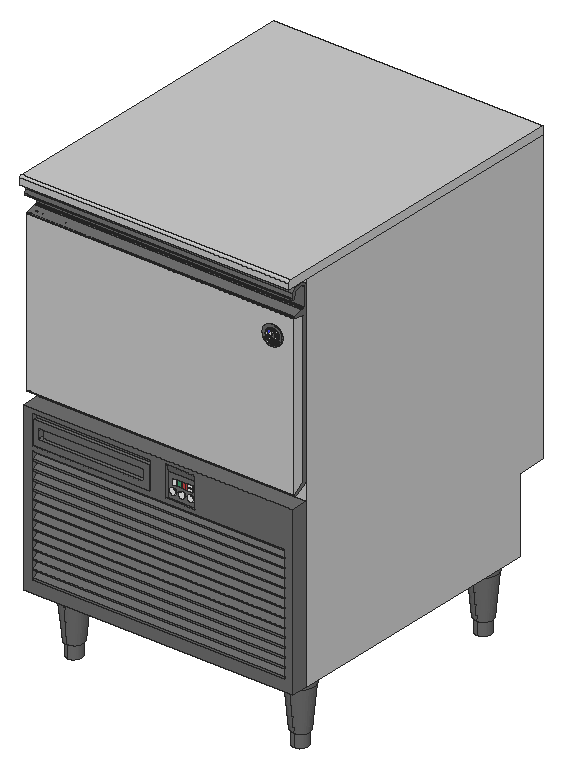
Revit family "QF_HOSHIZAKI_KM-80C-HC-W", category Specialty Equipment, Revit 2016
Family settings
  Part Type = Normal
  Round Connector Dimension = Use Diameter
  OmniClass Number = 23.40.40.14
  OmniClass Title = Food Service Equipment
  Work Plane-Based = No
  Always vertical = Yes
  Cut with Voids When Loaded = No
  Shared = No
  Room Calculation Point = No
Parameters (values of type "KM-80C-HC-W_230V/1Ph/50Hz")
  Weight = 52.00 kg
  Waste Remarks [instance] = ""
  Volts = 230 V
  URL Cutsheet = ""
  URL = "www.hoshizaki-europe.com"
  Status [instance] = ""
  Specification by User [instance] = ""
  Specification by Manufacturer [instance] = ""
  Serial Number = ""
  Seismic Rating = ""
  SMACNA No = ""
  Revision Code [instance] = ""
  Phase = 1
  Number of Poles = 2
  NAFEM Spec ID Number = ""
  Model = "KM-80C-HC-W"
  Min Ckt Ampacity = 0 A
  Max Overcurrent Protection = 0 A
  Masterspec = ""
  Manufacturer = "HOSHIZAKI"
  Length Actual = 605 mm
  Item Number [instance] = ""
  Installed By [instance] = ""
  Indirect Waste Size = 25.4 mm
  Indirect Waste Connection Type [instance] = ""
  Indirect Waste Connection Height [instance] = 301 mm
  Identify Quantity as Lot [instance] = no
  Height Actual = 988 mm
  HP power = ""
  Furnished By [instance] = ""
  Foodservice Equipment Identifier [instance] = yes
  FL Amps = 2.1 A
  Electric power = 314 W
  Electric Connection Type [instance] = ""
  Elec Conn RI Height [instance] = 0 mm
  Elec Conn Connection Height [instance] = 219 mm
  Direct Waste RI Height [instance] = 0 mm
  Description = "SELF CONTAINED KM ICE MAKER, WITH FULLY AUTOMATED CHEMICAL CLEANING FUNCTION, 75KG PER 24 HOURS, CRESCENT"
  Depth Actual = 712 mm
  Cycle = 50 Hz
  Cost = 0
  Conn Plug = ""
  Conn Conduit = no
  Cold Water Temperature Recommended = 0 °C
  Cold Water Size = 19.05 mm
  Cold Water Flow = 0.0 L/s
  Cold Water Connection Height [instance] = 317 mm
  CSI MasterFormat = ""
  Assembly Code = "E1090320"
  Apparent Power = 314 VA
  Accessory = no
Reference planes
  plane 1 "Center (Front/Back)": y = 0
  plane 2: z = 0
  plane 3 "Center (Left/Right)": x = 0
Forms (mm)
  Extrusion 1, solid, not visible
    sketch origin (38, -67, 218) x (1, 0, 0) y (0, 1, 0)
      loop
        line (0, 0) -> (2, 0) -> (2, 2) -> (0, 2) -> (0, 0)
    from 0 to 2
  Extrusion 2, solid, not visible
    sketch origin (93, -33, 319) x (1, 0, 0) y (0, 1, 0)
      loop
        line (0, 0) -> (2, 0) -> (2, 2) -> (0, 2) -> (0, 0)
    from 0 to 2
  Extrusion 3, solid, not visible
    sketch origin (557, -67, 300) x (1, 0, 0) y (0, 1, 0)
      loop
        line (0, 0) -> (2, 0) -> (2, 2) -> (0, 2) -> (0, 0)
    from 0 to 2
Dimensions and locks
  aligned and locked: level to plane 2
Nested families
  nested 1: "QF_HOSHIZAKI_KM-80C-HC-W_230V_1Ph_50Hz" at (0, 0, 0), type "KM-80C-HC-W_230V/1Ph/50Hz"
    with Show Logo yes, Show Clearance yes
Connectors
  electrical at (39, -65, 219), driven by "Apparent Power", driven by "Number of Poles", driven by "Volts"
    settings: on Extrusion 1, index 1, voltage 230 V, apparent load 0 VA, apparent load phase1 314 VA, apparent load phase2 0 VA, apparent load phase3 0 VA, power factor 1, load classification "Other", number of poles 2, system type 31, power factor state 1, is connector primary yes, connector utility no, sub classification motor no, connector description "Electric connection for 'KM-80C-HC-W'"
  piping at (94, -32, 319), diameter 19.05, driven by "Cold Water Size", driven by "Cold Water Flow"
    settings: on Extrusion 2, index 2, connector inside diameter 609.6 mm, connector length 0 mm, flow factor 0, pipe flow 0.0 L/s, pressure drop 0.0 Pa, fitting loss kfactor 0, connector angle 0.00°, fixture units 0, engagement length 0 mm, angle of deflection 0.00°, flow configuration 1, flow direction 1, fitting loss method 0, system type 20, joint type 0, gender type 0, connector reference index -1, connector utility 0, adjustable connector no, is connector primary yes, connector description "Cold Water connection for 'KM-80C-HC-W'"
  piping at (558, -65, 301), diameter 25.4, driven by "Indirect Waste Size"
    settings: on Extrusion 3, index 3, connector inside diameter 609.6 mm, connector length 0 mm, flow factor 0, pipe flow 0.0 L/s, pressure drop 0.0 Pa, fitting loss kfactor 0, connector angle 0.00°, fixture units 0, engagement length 0 mm, angle of deflection 0.00°, flow configuration 1, flow direction 2, fitting loss method 0, system type 16, joint type 0, gender type 0, connector reference index -1, connector utility 0, adjustable connector no, is connector primary no, connector description "Drain connection for 'KM-80C-HC-W'"
Definition of nested family "QF_HOSHIZAKI_KM-80C-HC-W_230V_1Ph_50Hz"
  Parameters (values of type "KM-80C-HC-W_230V/1Ph/50Hz")
    URL = "www.hoshizaki-europe.com"
    Show Logo [instance] = yes
    Show Clearance [instance] = yes
    Model = "KM-80C-HC-W"
    Manufacturer = "HOSHIZAKI"
    Description = "SELF CONTAINED KM ICE MAKER, WITH FULLY AUTOMATED CHEMICAL CLEANING FUNCTION, 75KG PER 24 HOURS, CRESCENT"
    Assembly Code = "E1090320"
  Reference planes
    plane 1 "Back": y = 0
    plane 2: z = 0
    plane 3 "Left": x = 0
    plane 4 "Right": x = 605
    plane 5 "Front": y = -712
    plane 6 "Top": z = 988
  Forms (mm)
    Extrusion 1, solid
      sketch origin (0, 0, 0) x (0, 1, 0) y (0, 0, 1)
        loop
          line (0, 988) -> (-707, 988)
          arc (-707, 988) -> (-710.536, 986.536) -> (-712, 983) r 5
          line (-712, 983) -> (-712, 970) -> (0, 970) -> (0, 988)
      from 0 to 605
    Extrusion 2, solid
      sketch origin (0, 0, 0) x (0, 1, 0) y (0, 0, 1)
        loop
          line (-65, 150) -> (-65, 317) -> (0, 317) -> (0, 970) -> (-662, 970) -> (-662, 150) -> (-65, 150)
      from 0 to 605
    Revolve 3, solid
      sketch origin (48, 0, 0) x (0, 1, 0) y (0, 0, 1)
        loop
          line (-106, 0) -> (-89, 0) -> (-89, 30) -> (-85.966, 30) -> (-76.5, 124) -> (-76.5, 146) -> (-106, 146) -> (-106, 0)
        axis (-106, 0) -> (-106, 146)
      angle from 0 to 360
    Extrusion 4, solid
      sketch origin (0, -102.184, 0) x (0, 1, 0) y (0, 0, 1)
        loop
          arc (-564.152, 560.106) -> (-560.966, 563.691) -> (-559.816, 568.347) r 10
          line (-559.816, 568.347) -> (-559.816, 956.197)
          arc (-559.816, 956.197) -> (-563.19, 963.687) -> (-571.035, 966.123) r 10
          line (-571.035, 966.123) -> (-587.697, 964.077)
          arc (-587.697, 964.077) -> (-593.362, 961.405) -> (-596.326, 955.888) r 10
          line (-596.326, 955.888) -> (-598.012, 946.326)
          arc (-598.012, 946.326) -> (-596.39, 944.009) -> (-594.073, 945.632) r 2
          line (-594.073, 945.632) -> (-592.387, 955.193)
          arc (-592.387, 955.193) -> (-590.608, 958.503) -> (-587.209, 960.106) r 6
          line (-587.209, 960.106) -> (-570.547, 962.152)
          arc (-570.547, 962.152) -> (-565.84, 960.691) -> (-563.816, 956.197) r 6
          line (-563.816, 956.197) -> (-563.816, 915.35)
          arc (-563.816, 915.35) -> (-564.246, 914.146) -> (-565.343, 913.487) r 1.9
          arc (-565.343, 913.487) -> (-565.869, 913.401) -> (-566.401, 913.352) r 7.5
          arc (-566.401, 913.352) -> (-568.987, 913.073) -> (-571.531, 912.527) r 25
          line (-571.531, 912.527) -> (-592.016, 907) -> (-592.016, 905) -> (-590.605, 905)
          arc (-590.605, 905) -> (-589.35, 904.725) -> (-588.326, 903.95) r 3
          arc (-588.326, 903.95) -> (-586.618, 902.659) -> (-584.526, 902.2) r 5
          line (-584.526, 902.2) -> (-574.616, 902.2)
          arc (-574.616, 902.2) -> (-571.08, 900.736) -> (-569.616, 897.2) r 5
          line (-569.616, 897.2) -> (-569.616, 566.869)
          arc (-569.616, 566.869) -> (-570.191, 564.541) -> (-571.784, 562.748) r 5
          line (-571.784, 562.748) -> (-586.848, 552.395)
          arc (-586.848, 552.395) -> (-588.117, 551.134) -> (-588.862, 549.507) r 5
          arc (-588.862, 549.507) -> (-589.572, 548.421) -> (-590.8, 548) r 2
          line (-590.8, 548) -> (-592.016, 548)
          arc (-592.016, 548) -> (-591.43, 546.586) -> (-590.016, 546) r 2
          line (-590.016, 546) -> (-584.677, 546) -> (-564.152, 560.106)
      from 2 to 603
    Extrusion 5, solid
      sketch origin (0, -102.184, 0) x (0, 1, 0) y (0, 0, 1)
        loop
          line (-593.816, 905) -> (-593.816, 548) -> (-590.8, 548)
          arc (-590.8, 548) -> (-589.572, 548.421) -> (-588.862, 549.507) r 2
          arc (-588.862, 549.507) -> (-588.117, 551.134) -> (-586.848, 552.395) r 5
          line (-586.848, 552.395) -> (-571.784, 562.748)
          arc (-571.784, 562.748) -> (-570.191, 564.541) -> (-569.616, 566.869) r 5
          line (-569.616, 566.869) -> (-569.616, 897.2)
          arc (-569.616, 897.2) -> (-571.08, 900.736) -> (-574.616, 902.2) r 5
          line (-574.616, 902.2) -> (-584.526, 902.2)
          arc (-584.526, 902.2) -> (-586.618, 902.659) -> (-588.326, 903.95) r 5
          arc (-588.326, 903.95) -> (-589.35, 904.725) -> (-590.605, 905) r 3
          line (-590.605, 905) -> (-593.816, 905)
      from 2 to 603
    Extrusion 6, solid
      sketch origin (0, -712, 0) x (-1, 0, 0) y (0, 0, 1)
        loop
          line (-1, 523) -> (-604, 523) -> (-604, 150) -> (-1, 150) -> (-1, 523)
        loop
          line (-19.5, 512) -> (-284.5, 512) -> (-284.5, 447) -> (-19.5, 447) -> (-19.5, 512)
        loop
          line (-19.5, 176.5) -> (-19.5, 437) -> (-585.5, 437) -> (-585.5, 176.5) -> (-19.5, 176.5)
      from 11 to 50
    Extrusion 7, solid
      sketch origin (0, -84, 148.5) x (0, 1, 0) y (0, 0, 1)
        loop
          line (-578, 363.5) -> (-607, 363.5) -> (-607, 278.5) -> (-617, 271) -> (-617, 268) -> (-597, 283) -> (-597, 266) -> (-617, 251) -> (-617, 248) -> (-597, 263) -> (-597, 246) -> (-617, 231) -> (-617, 228) -> (-597, 243) -> (-597, 226) -> (-617, 211) -> (-617, 208) -> (-597, 223) -> (-597, 206) -> (-617, 191) -> (-617, 188) -> (-597, 203) -> (-597, 186) -> (-617, 171) -> (-617, 168) -> (-597, 183) -> (-597, 166) -> (-617, 151) -> (-617, 148) -> (-597, 163) -> (-597, 146) -> (-617, 131) -> (-617, 128) -> (-597, 143) -> (-597, 126) -> (-617, 111) -> (-617, 108) -> (-597, 123) -> (-597, 106) -> (-617, 91) -> (-617, 88) -> (-597, 103) -> (-597, 86) -> (-617, 71) -> (-617, 68) -> (-597, 83) -> (-597, 66) -> (-617, 51) -> (-617, 48) -> (-597, 63) -> (-597, 46) -> (-617, 31) -> (-617, 28) -> (-578, 28) -> (-578, 363.5)
      from 585.5 to 19.5
    Extrusion 8, solid, visible <- "Show Logo"
      sketch origin (1014.884, -695.5, -1007.5) x (-1, 0, 0) y (0, 0, -1)
        loop
          circle (459.884, -1862.5) r 13.99
      from -0.5 to 2
    Extrusion 9, solid, visible <- "Show Logo"
      sketch origin (1014.884, -696, -1007.5) x (-1, 0, 0) y (0, 0, -1)
        loop
          circle (459.884, -1862.5) r 15
        loop
          arc (446.884, -1862.5) -> (460.705, -1875.474) -> (472.781, -1860.863) r 13
          line (472.781, -1860.863) -> (470.355, -1858.437) -> (469.346, -1862.201) -> (466.355, -1863.928) -> (465.024, -1865.26) -> (463.375, -1865.26) -> (462.04, -1870.241) -> (457.755, -1870.241) -> (459.339, -1867.979) -> (460.402, -1864.014) -> (461.224, -1860.945) -> (462.416, -1856.497) -> (461.216, -1855.297) -> (459.433, -1857.843) -> (455.784, -1851.523) -> (460.361, -1851.523) -> (461.471, -1853.446) -> (469.213, -1853.446)
          arc (469.213, -1853.446) -> (460.394, -1849.51) -> (451.293, -1852.743) r 13
          line (451.293, -1852.743) -> (455.577, -1853.891) -> (453.752, -1856.497) -> (455.349, -1856.497) -> (454.477, -1866.459) -> (452.538, -1866.459) -> (446.884, -1862.5)
        loop
          line (447.853, -1857.467) -> (452.313, -1861.926) -> (450.144, -1853.891)
          arc (450.144, -1853.891) -> (448.878, -1855.602) -> (447.853, -1857.467) r 15.828
        loop
          line (463.583, -1862.877) -> (466.64, -1862.399) -> (464.901, -1861.285) -> (463.583, -1857.664) -> (463.583, -1862.877)
        loop
          line (464.827, -1855.979) -> (468.296, -1856.908) -> (469.573, -1854.916) -> (468.881, -1854.224) -> (467.914, -1855.035) -> (464.827, -1855.979)
        loop
          line (462.609, -1872.307) -> (462.609, -1874.009) -> (464.927, -1873.388) -> (462.609, -1872.307)
        loop
          line (460.361, -1874.662) -> (459.594, -1873.335) -> (460.801, -1872.638) -> (459.186, -1872.205) -> (458.298, -1874.11) -> (460.361, -1874.662)
        loop
          line (459.623, -1846.783) -> (460.706, -1845.701) -> (462.247, -1845.701) -> (461.191, -1844.645) -> (461.503, -1842.874) -> (459.623, -1843.959) -> (457.743, -1842.874) -> (458.055, -1844.645) -> (456.999, -1845.701) -> (458.54, -1845.701) -> (459.623, -1846.783)
        loop
          line (446.86, -1853.7) -> (446.594, -1852.191) -> (447.478, -1850.929) -> (446.007, -1851.188) -> (444.736, -1849.917) -> (444.547, -1852.08) -> (442.579, -1852.997) -> (444.209, -1853.757) -> (444.468, -1855.228) -> (445.352, -1853.965) -> (446.86, -1853.7)
        loop
          line (452.395, -1848.68) -> (452.856, -1847.219) -> (454.223, -1846.508) -> (452.799, -1846.059) -> (452.258, -1844.344) -> (451.091, -1846.175) -> (448.922, -1846.08) -> (450.017, -1847.507) -> (449.568, -1848.931) -> (450.935, -1848.219) -> (452.395, -1848.68)
        loop
          line (472.909, -1853.7) -> (474.417, -1853.965) -> (475.301, -1855.228) -> (475.56, -1853.757) -> (477.19, -1852.997) -> (475.222, -1852.08) -> (475.033, -1849.917) -> (473.761, -1851.188) -> (472.291, -1850.929) -> (473.175, -1852.191) -> (472.909, -1853.7)
        loop
          line (467.374, -1848.68) -> (468.834, -1848.219) -> (470.201, -1848.931) -> (469.752, -1847.507) -> (470.847, -1846.08) -> (468.678, -1846.175) -> (467.511, -1844.344) -> (466.97, -1846.059) -> (465.546, -1846.508) -> (466.913, -1847.219) -> (467.374, -1848.68)
      from 0 to 2
    Extrusion 10, solid, visible <- "Show Logo"
      sketch origin (1014.884, -696, -1007.5) x (-1, 0, 0) y (0, 0, -1)
        loop
          line (462.609, -1874.009) -> (462.609, -1872.307) -> (462.085, -1870.241) -> (457.755, -1870.241) -> (459.339, -1867.979) -> (462.416, -1856.497) -> (461.216, -1855.297) -> (459.433, -1857.843) -> (455.808, -1851.565) -> (453.948, -1851.565) -> (455.577, -1853.891) -> (454.477, -1866.459) -> (456.345, -1871.339)
          arc (456.345, -1871.339) -> (456.868, -1874.025) -> (459.213, -1875.435) r 3.366
          arc (459.213, -1875.435) -> (460.198, -1875.496) -> (461.183, -1875.435) r 8.046
          line (461.183, -1875.435) -> (462.609, -1874.009)
        loop
          line (456.854, -1851.523) -> (460.361, -1851.523) -> (460.916, -1852.485) -> (462.702, -1852.485) -> (463.779, -1851.407) -> (460.623, -1851.407) -> (461.563, -1850.468) -> (456.245, -1850.468) -> (456.854, -1851.523)
        loop
          line (460.361, -1874.662) -> (459.594, -1873.335) -> (460.801, -1872.638) -> (459.186, -1872.205) -> (458.298, -1874.11) -> (460.361, -1874.662)
      from 0 to 2
    Extrusion 11, solid, visible <- "Show Logo"
      sketch origin (229.5, -695, 416.096) x (1, 0, 0) y (0, 0, 1)
        loop
          circle (325.5, 438.904) r 22.5
      from 0 to 2
    Extrusion 12, solid
      sketch origin (-0.5, -712, 1.452) x (-1, 0, 0) y (0, 0, 1)
        loop
          line (-21, 498.548) -> (-284, 498.548) -> (-284, 446.548) -> (-21, 446.548) -> (-21, 498.548)
        loop
          line (-39.5, 486.548) -> (-265.5, 486.548)
          arc (-265.5, 486.548) -> (-269.036, 485.084) -> (-270.5, 481.548) r 5
          line (-270.5, 481.548) -> (-270.5, 466.048)
          arc (-270.5, 466.048) -> (-269.036, 462.513) -> (-265.5, 461.048) r 5
          line (-265.5, 461.048) -> (-39.5, 461.048)
          arc (-39.5, 461.048) -> (-35.964, 462.513) -> (-34.5, 466.048) r 5
          line (-34.5, 466.048) -> (-34.5, 481.548)
          arc (-34.5, 481.548) -> (-35.964, 485.084) -> (-39.5, 486.548) r 5
      from 11 to 21
    Extrusion 13, solid
      sketch origin (0, 0, 0) x (1, 0, 0) y (0, 1, 0)
        loop
          line (87, -145) -> (87, -67) -> (9, -67) -> (9, -145) -> (87, -145)
      from 146 to 150
    Revolve 14, solid
      sketch origin (48, -514, 0) x (0, 1, 0) y (0, 0, 1)
        loop
          line (-106, 0) -> (-89, 0) -> (-89, 30) -> (-85.966, 30) -> (-76.5, 124) -> (-76.5, 146) -> (-106, 146) -> (-106, 0)
        axis (-106, 0) -> (-106, 146)
      angle from 0 to 360
    Extrusion 15, solid
      sketch origin (0, -514, 0) x (1, 0, 0) y (0, 1, 0)
        loop
          line (87, -145) -> (87, -67) -> (9, -67) -> (9, -145) -> (87, -145)
      from 146 to 150
    Revolve 16, solid
      sketch origin (557, 0, 0) x (0, 1, 0) y (0, 0, 1)
        loop
          line (-106, 0) -> (-89, 0) -> (-89, 30) -> (-85.966, 30) -> (-76.5, 124) -> (-76.5, 146) -> (-106, 146) -> (-106, 0)
        axis (-106, 0) -> (-106, 146)
      angle from 0 to 360
    Extrusion 17, solid
      sketch origin (509, 0, 0) x (1, 0, 0) y (0, 1, 0)
        loop
          line (87, -145) -> (87, -67) -> (9, -67) -> (9, -145) -> (87, -145)
      from 146 to 150
    Revolve 18, solid
      sketch origin (557, -514, 0) x (0, 1, 0) y (0, 0, 1)
        loop
          line (-106, 0) -> (-89, 0) -> (-89, 30) -> (-85.966, 30) -> (-76.5, 124) -> (-76.5, 146) -> (-106, 146) -> (-106, 0)
        axis (-106, 0) -> (-106, 146)
      angle from 0 to 360
    Extrusion 19, solid
      sketch origin (509, -514, 0) x (1, 0, 0) y (0, 1, 0)
        loop
          line (87, -145) -> (87, -67) -> (9, -67) -> (9, -145) -> (87, -145)
      from 146 to 150
    Extrusion 20, solid, visible <- "Show Clearance", detail levels coarse
      sketch origin (0, -102, 0) x (0, 1, 0) y (0, 0, 1)
        loop
          line (-594, 544.412) -> (-594, 964.843)
          arc (-594, 964.843) -> (-794.857, 901.5) -> (-923, 734.36) r 350
          line (-923, 734.36) -> (-594, 544.412)
      from 2 to 603
    Extrusion 21, solid
      sketch origin (87.5, -712, 0) x (-1, 0, 0) y (0, 0, 1)
        loop
          line (-265.14, 488.748) -> (-274.86, 488.748) -> (-274.86, 476.748) -> (-265.14, 476.748) -> (-265.14, 488.748)
      from 16 to 14
    Extrusion 22, solid
      sketch origin (66.5, -712, 0) x (-1, 0, 0) y (0, 0, 1)
        loop
          line (-265.14, 488.748) -> (-274.86, 488.748) -> (-274.86, 476.748) -> (-265.14, 476.748) -> (-265.14, 488.748)
      from 16 to 14
    Extrusion 23, solid
      sketch origin (77, -712, 0) x (-1, 0, 0) y (0, 0, 1)
        loop
          line (-265.14, 488.748) -> (-274.86, 488.748) -> (-274.86, 476.748) -> (-265.14, 476.748) -> (-265.14, 488.748)
      from 16 to 14
    Extrusion 24, solid
      sketch origin (101.5, -712, 1) x (-1, 0, 0) y (0, 0, 1)
        loop
          line (-265.14, 488.748) -> (-274.86, 488.748) -> (-274.86, 482.748) -> (-265.14, 482.748) -> (-265.14, 488.748)
      from 16 to 14
    Extrusion 25, solid
      sketch origin (101.5, -712, 964.497) x (-1, 0, 0) y (0, 0, 1)
        loop
          line (-265.14, -488.748) -> (-265.14, -482.748) -> (-274.86, -482.748) -> (-274.86, -488.748) -> (-265.14, -488.748)
      from 16 to 14
    Extrusion 26, solid
      sketch origin (62.5, -712, -20) x (-1, 0, 0) y (0, 0, 1)
        loop
          circle (-270, 482.748) r 7
      from 16 to 14
    Extrusion 27, solid
      sketch origin (82.5, -712, -20) x (-1, 0, 0) y (0, 0, 1)
        loop
          circle (-270, 482.748) r 7
      from 16 to 14
    Extrusion 28, solid
      sketch origin (642.5, -712, -20) x (1, 0, 0) y (0, 0, -1)
        loop
          circle (-270, -482.748) r 7
      from 16 to 14
    Extrusion 29, solid
      sketch origin (153, 0, -80) x (1, 0, 0) y (0, 0, 1)
        loop
          circle (405, 301) r 12.5
        loop
          circle (405, 301) r 11
      from 50 to 65
    Blend 30, void
      base sketch origin (77, -102, 0) x (1, 0, 0) y (0, 0, 1)
        loop
          line (308, 514.548) -> (243, 514.548) -> (243, 446.548) -> (308, 446.548) -> (308, 514.548)
      top sketch origin (77, -102, 0) x (1, 0, 0) y (0, 0, 1)
        loop
          line (308, 500.548) -> (243, 500.548) -> (243, 446.548) -> (308, 446.548) -> (308, 500.548)
      from 599 to 595
  Cuts and joins
    Blend 30 cuts Extrusion 6
  Lines and regions (mm)
    symbolic lines
      curve 1: line (0, 0, 0) -> (605, 0, 0)
      curve 2: line (605, 0, 0) -> (605, -712, 0)
      curve 3: line (605, -712, 0) -> (0, -712, 0)
      curve 4: line (0, -712, 0) -> (0, 0, 0)
    symbolic lines, visible <- "Show Clearance"
      curve 5: line (2, -1025, 0) -> (2, -712, 0)
      curve 6: line (2, -1025, 0) -> (603, -1025, 0)
      curve 7: line (603, -1025, 0) -> (603, -712, 0)
  Dimensions and locks
    plane 6 "Top" to level = 988 mm
    plane 5 "Front" to plane 1 "Back" = 712 mm
    plane 3 "Left" to plane 4 "Right" = 605 mm
    aligned and locked: level to plane 2
    aligned and locked: Extrusion 1 to plane 4 "Right"
    aligned and locked: Extrusion 2 to plane 4 "Right"
